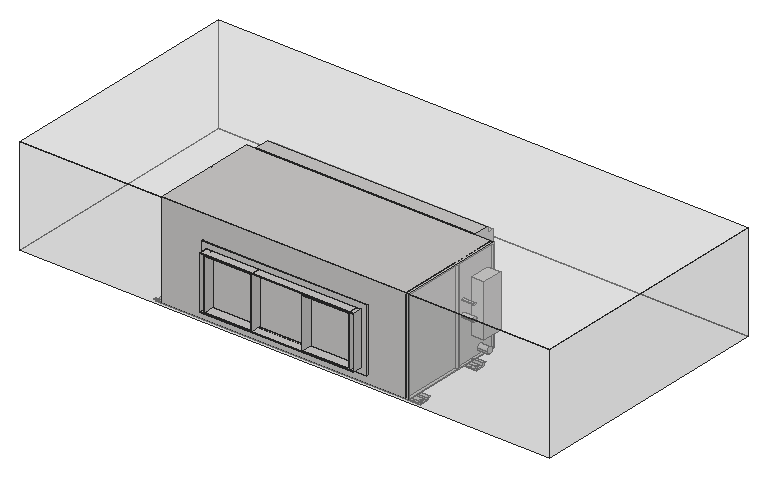
Revit family "outputfile", category 機械設備, Revit 2024
Family settings
  丸型コネクタ寸法 = 半径を使用
  パーツ タイプ = 標準
  OmniClass 番号 = 23.75.10.24.21.27.27
  OmniClass タイトル = Split System Air Conditioning Units
  作業面ベース = いいえ
  常に垂直 = はい
  ロード時にボイドで切り取り = いいえ
  注釈の向きを維持 = いいえ
  共有 = いいえ
  部屋計算ポイント = はい
Parameters (values of type "FDN80HVL")
  Description = ""
  書き出し IFC クラス(タイプ) = "IfcUnitaryEquipmentType"
  定義済み IFC タイプ(タイプ) = "AIRCONDITIONINGUNIT"
  Cost = 0
  Type Comments = ""
  Keynote = ""
  Type Image = (empty or 0)
  Assembly Code = ""
  switch_frequency = yes
  lw_power = 740 mm
  lw_box = 55 mm
  lw_RA = 671 mm
  lh_height_SA = 298 mm
  lh_ld_mountinghole_height = 15 mm
  lh_height_RA = 443 mm
  lh_hangerfixture = 15 mm
  lh_box_top = 121 mm
  lh_box = 294 mm
  lh_SA = 240 mm
  lh_RA = 301.5 mm
  ld_depth_SA = 60 mm
  ld_depth_RA = 127 mm
  ld_box_left = 462.5 mm
  ld_box = 117.5 mm
  connector_voltage = Voltage_60Hz  # 220 V
  connector_powerinput = [Power Input (Cooling)]  # 7.870 kW
  connector_phase = Phase_60Hz  # 1
  URL = ""
  Supply Air Direction [instance] = yes
  製造元 = "Daikin"
  モデル = "FDN80HVL"
  w_pipe = 33 mm
  r_Liquid Pipe Size = Liquid Pipe Size / 2  # 6.35 mm
  r_Gas Pipe Size = Gas Pipe Size / 2  # 11.1 mm
  r_Drain Pipe Size = Drain Pipe Size / 2  # 17.0 mm
  lw_powersupply = 897 mm
  lw_width_RA = 1242 mm
  lw_width_SA = 876 mm
  lh_suctionflange [instance] = 100 mm
  ld_suctionflange [instance] = 190 mm
  ld_powersupply = 220.5 mm
  angle_vertical_RA [instance] = 90.00°
  angle horizontal_RA [instance] = 180.00°
  Voltage_comment_60Hz = "220"
  Voltage_60Hz = 220 V
  Sound Power Level_H speed (dB) = 0
  Phase_60Hz = 1
  Minimum External Static Pressure = 60.00 Pa
  Minimum Circuit Amps_60Hz = 0.0 A
  Maximum Fuse Amps_60Hz = 0.0 A
  Maximum External Static Pressure = 100.00 Pa
  Material_Casing = DAIKIN_GalvanizedSteel_Casing_indoorunit
  lw_liquidpipe = 751 mm
  lw_gaspipe = 751 mm
  lw_mountinghole_pitch = 1462 mm
  lw_mountinghole = 1502 mm
  lw_drainpipe = 741 mm
  lh_powersupply = 138 mm
  lh_liquidpipe = 344 mm
  lh_gaspipe = 264 mm
  lh_mountinghole = 9 mm
  lh_drainpipe = 51 mm
  lh_antena = 1 mm
  ld_liquidpipe = 102.5 mm
  ld_gaspipe = 102.5 mm
  ld_mountinghole_pitch = 394 mm
  ld_drainpipe = 220.5 mm
  ld_controlbox = 626 mm
  h*** = 0 mm  # constant formula
  d_dischargeflange = ld_depth_SA  # 60 mm
  Width = 1402 mm
  Version = "ver.1.0"
  Unit Type = "Duct"
  Unit Mass Weight = 85.00 kg
  Unit Designation [instance] = ""
  Uniclass2015Version = "Products v1.30"
  Uniclass2015Title = "Split coil room air conditioning units"
  Uniclass2015Code = "Pr_70_65_03_86"
  Total Cooling Capacity [instance] = 0.000 kW
  Sound Pressure Level_M speed (dBA) = 50
  Sound Pressure Level_L speed (dBA) = 47
  Sound Pressure Level_H speed (dBA) = 52
  Series = "Package Aircon_Fan Coil Unit"
  Sensible Cooling Capacity [instance] = 0.000 kW
  SA Duct Size Width = 876 mm
  SA Duct Size Height = 298 mm
  Refrigerant Type = "R410A"
  RA Duct Size Width = 1242 mm
  RA Duct Size Height = 443 mm
  Power Input (Cooling) = 7.870 kW
  Option Accessory 3 [instance] = ""
  Option Accessory 2 [instance] = ""
  Option Accessory 1 [instance] = ""
  Nominal Cooling Capacity = 23.447 kW
  Minimum Airflow = 3466.00 m³/h
  Median Airflow = 3993.00 m³/h
  Maximum Airflow = 4587.00 m³/h
  Load Classification = HVAC
  Liquid Pipe Size = 12.7 mm
  Link_Nested Family [instance] = ""
  IfcVersion = ""
  IfcExportType = "AIRCONDITIONINGUNIT"
  IfcExportAs = "IfcUnitaryEquipmentType"
  Height = 553 mm
  Heat Exchanger Type = "Cross Fin Coil"
  Gas Pipe Size = 22.2 mm
  Frequency_60Hz = 60 Hz
  Fan Type = "Sirocco Fan"
  Fan Drive = "-"
  FCU Tag No. [instance] = ""
  Drain Pipe Size = 34.0 mm
  Design Supply Airflow [instance] = 0.00 m³/h
  Design Return Airflow [instance] = 0.00 m³/h
  Design External Static Pressure [instance] = 0.00 Pa
  Depth = 605 mm
  既定の高さ = 0 mm
  Cooling Entering Wet Bulb Temperature [instance] = 0.00 °C
  Cooling Entering Dry Bulb Temperature [instance] = 0.00 °C
  Cooling Ambient Wet Bulb Temperature [instance] = 0.00 °C
  Cooling Ambient Dry Bulb Temperature [instance] = 0.00 °C
  Clearance visibility [instance] = yes
  Clearance Top = 0 mm
  Clearance Right = 800 mm
  Clearance Rear = 800 mm
  Clearance Left = 800 mm
  Clearance Front = 0 mm
  Clearance Bottom = 0 mm
Reference planes
  plane 1 "Center (Front/Back)": y = 0
  plane 2: z = 0
  plane 3 "Center (Left/Right)": x = 0
  plane 4 "Back": y = 302.5
  plane 5 "Front": y = -302.5
  plane 6 "Left": x = -701
  plane 7 "Right": x = 701
  plane 8 "Top": z = 0
  plane 9 "Bottom": z = -553
  plane 10: z = -209
  plane 11: z = -289
  plane 12: x = -731
  plane 13: x = 731
  plane 14: x = 751
  plane 15: x = 751
  plane 16: z = -544
  plane 17 "Clearance Left": x = -1501
  plane 18 "Clearance Right": x = 1501
  plane 19 "Clearance Rear": y = 1102.5
  plane 20 "Clearance Front": y = -302.5
  plane 21 "Clearance Bottom": z = -553
  plane 22: z = -502
  plane 23 "ld_gas": y = 102.5
  plane 24: y = 102.5
  plane 25: y = -30
  plane 26: y = 220.5
  plane 27: y = 112.5
  plane 28: x = 741
  plane 29: y = 139.5
  plane 30: y = -254.5
  plane 31: y = -362.5
  plane 32: y = 429.5
  plane 33 "Clearance Top": z = 0
  plane 34: z = -415
  plane 35: y = 220.5
  plane 36 "hangerfixture": z = -538
  plane 37 "lh_SA": z = -313
  plane 38 "lh_RA": z = -251.5
  plane 39 "RA_center": x = -30
  plane 40: x = 680
  plane 41: x = 756
  plane 42: y = 160
  plane 43: y = 180
  plane 44: y = 257.5
  plane 45: y = 277.5
  plane 46 "box_bottom": z = -415
  plane 47 "box_top": z = -121
  plane 48 "lw_power": x = 740
  plane 49: y = -300.7
  plane 50: z = -2.3
  plane 51: z = -536.7
  plane 52: y = 301.5
  plane 53: y = -300.7
  plane 54: z = -2.3
  plane 55: z = -536.7
  plane 56: y = 301.5
Forms (mm)
  Extrusion 1, solid, material "DAIKIN_GalvanizedSteel_Casing_indoorunit" <- "Material_Casing"
    sketch origin (0, -0.8, 0) x (1, 0, 0) y (0, 1, 0)
      loop
        line (-701, -301.7) -> (701, -301.7) -> (701, 303.3) -> (-701, 303.3) -> (-701, -301.7)
    from -538 to 0
  Revolve 2, solid, material "DAIKIN_GalvanizedSteel_Casing_indoorunit" <- "Material_Casing"
    sketch origin (0, 0, -289) x (0, -1, 0) y (1, 0, 0)
      loop
        line (-91.4, 681.5) -> (-91.4, 751) -> (-102.5, 751) -> (-102.5, 681.5) -> (-91.4, 681.5)
      axis (-102.5, 681.5) -> (-102.5, 751)
    angle from 0 to 360
  Revolve 3, solid, material "DAIKIN_GalvanizedSteel_Casing_indoorunit" <- "Material_Casing"
    sketch origin (0, 0, -209) x (0, -1, 0) y (1, 0, 0)
      loop
        line (-102.5, 681.5) -> (-102.5, 751) -> (-108.85, 751) -> (-108.85, 681.5) -> (-102.5, 681.5)
      axis (-102.5, 751) -> (-102.5, 681.5)
    angle from 0 to 360
  Extrusion 4, solid, material "DAIKIN_GalvanizedSteel_Casing_indoorunit" <- "Material_Casing"
    sketch origin (0, 0, 0) x (0, 1, 0) y (0, 0, 1)
      loop
        circle (220.5, -502) r 17
    from 741 to 681.5
  Extrusion 5, solid, material "DAIKIN_GalvanizedSteel_Casing_indoorunit" <- "Material_Casing"
    sketch origin (0, 0, 0) x (1, 0, 0) y (0, 1, 0)
      loop
        line (680, 160) -> (756, 160) -> (756, 277.5) -> (680, 277.5) -> (680, 160)
    from -415 to -121
  Extrusion 6, void
    sketch origin (701, 0, 0) x (0, 1, 0) y (0, 0, 1)
      loop
        line (-300.7, -2.3) -> (-300.7, -536.7) -> (50.7, -536.7) -> (50.7, -2.3) -> (-300.7, -2.3)
      loop
        line (301.5, -536.7) -> (301.5, -2.3) -> (52.5, -2.3) -> (52.5, -536.7) -> (301.5, -536.7)
    from 0 to -19.5
  Extrusion 7, void
    sketch origin (-701, 0, 0) x (0, 1, 0) y (0, 0, 1)
      loop
        line (-300.7, -2.3) -> (-300.7, -536.7) -> (50.7, -536.7) -> (50.7, -2.3) -> (-300.7, -2.3)
      loop
        line (301.5, -536.7) -> (301.5, -2.3) -> (52.5, -2.3) -> (52.5, -536.7) -> (301.5, -536.7)
    from 0 to 19.5
Cuts and joins
  Extrusion 6, Extrusion 7 cuts Extrusion 1
  Extrusion 7 cuts Extrusion 5
  joined: Extrusion 1, Extrusion 5
Dimensions and locks
  equal spacing: plane 12, plane 3 "Center (Left/Right)", plane 13
  "lw_mountinghole_pitch": plane 12 to plane 13
  "lh_liquidpipe": plane 10 to plane 9 "Bottom"
  "lh_gaspipe": plane 11 to plane 9 "Bottom"
  equal spacing: plane 6 "Left", plane 3 "Center (Left/Right)", plane 7 "Right"
  "Width": plane 6 "Left" to plane 7 "Right"
  "Clearance Right": plane 7 "Right" to plane 18 "Clearance Right"
  "Clearance Left": plane 17 "Clearance Left" to plane 6 "Left"
  "Clearance Rear": plane 19 "Clearance Rear" to plane 4 "Back"
  "Clearance Front": plane 5 "Front" to plane 20 "Clearance Front"
  "Depth": plane 4 "Back" to plane 5 "Front"
  equal spacing: plane 4 "Back", plane 1 "Center (Front/Back)", plane 5 "Front"
  "ld_suctionflange": plane 4 "Back" to plane 27
  "r_Liquid Pipe Size": nested 5 to Revolve 3 sketch curve
  "ld_mountinghole_pitch": plane 29 to plane 30
  "lw_liquidpipe": plane 3 "Center (Left/Right)" to plane 14
  "lw_gaspipe": plane 3 "Center (Left/Right)" to plane 15
  "lw_drainpipe": plane 3 "Center (Left/Right)" to plane 28
  "lh_drainpipe": plane 22 to plane 9 "Bottom"
  "Clearance Top": plane 33 "Clearance Top" to plane 8 "Top"
  "Clearance Bottom": plane 9 "Bottom" to plane 21 "Clearance Bottom"
  "lh_powersupply": plane 34 to plane 9 "Bottom"
  level to plane 8 "Top" = 0 mm
  "lh_hangerfixture": plane 36 "hangerfixture" to plane 9 "Bottom"
  "lh_SA": plane 37 "lh_SA" to plane 9 "Bottom"
  "ld_depth_SA": plane 5 "Front" to plane 31
  "ld_depth_RA": plane 32 to plane 4 "Back"
  "lh_RA": plane 38 "lh_RA" to plane 9 "Bottom"
  "lw_RA": plane 6 "Left" to plane 39 "RA_center"
  "ld_box_left": plane 42 to plane 5 "Front"
  "ld_box": plane 45 to plane 42
  locked: plane 43 to plane 42 at 20
  locked: plane 45 to plane 44 at 20
  "lw_box": plane 7 "Right" to plane 41
  "lh_box": plane 47 "box_top" to plane 46 "box_bottom"
  "lw_power": plane 3 "Center (Left/Right)" to plane 48 "lw_power"
  "ld_drainpipe": plane 26 to plane 1 "Center (Front/Back)"
  "ld_gaspipe": plane 23 "ld_gas" to plane 1 "Center (Front/Back)"
  "r_Gas Pipe Size": plane 23 "ld_gas" to Revolve 2 sketch curve
  "ld_liquidpipe": plane 24 to plane 1 "Center (Front/Back)"
  plane 30 to plane 1 "Center (Front/Back)" = 254.5 mm
  locked: plane 40 to plane 7 "Right" at 21
  plane 5 "Front" to plane 49 = 1.8 mm
  plane 8 "Top" to plane 50 = 2.3 mm
  plane 36 "hangerfixture" to plane 51 = 1.3 mm
  plane 52 to plane 4 "Back" = 1 mm
  "ld_powersupply": plane 35 to plane 1 "Center (Front/Back)"
  "lh_mountinghole": plane 16 to plane 9 "Bottom"
  "lh_box_top": plane 8 "Top" to plane 47 "box_top"
  "Height": plane 8 "Top" to plane 9 "Bottom"
  "r_Drain Pipe Size": radius of Extrusion 4 sketch curve
  aligned and locked: level to plane 2
  aligned and locked: plane 8 "Top" to Extrusion 1
  aligned and locked: Revolve 2 sketch curve to Revolve 2 sketch curve
  aligned and locked: plane 14 to nested 5
  aligned and locked: nested 5 to plane 10
  aligned and locked: plane 13 to nested 2
  aligned and locked: plane 12 to nested 3
  aligned and locked: plane 12 to nested 4
  aligned and locked: nested 6 to plane 11
  aligned and locked: plane 23 "ld_gas" to nested 6
  aligned and locked: plane 24 to nested 5
  aligned and locked: Extrusion 4 sketch curve to plane 26
  aligned and locked: nested 11 to plane 19 "Clearance Rear"
  aligned and locked: plane 18 "Clearance Right" to nested 11
  aligned and locked: plane 17 "Clearance Left" to nested 11
  aligned and locked: nested 11 to plane 20 "Clearance Front"
  aligned and locked: plane 28 to Extrusion 4
  aligned and locked: plane 15 to nested 6
  aligned and locked: plane 13 to nested 1
  aligned and locked: plane 26 to nested 7
  aligned and locked: nested 7 to plane 22
  aligned and locked: nested 7 to plane 28
  aligned and locked: nested 9 to plane 1 "Center (Front/Back)"
  aligned and locked: plane 3 "Center (Left/Right)" to nested 9
  aligned and locked: plane 29 to nested 1
  aligned and locked: plane 30 to nested 2
  aligned and locked: nested 4 to plane 29
  aligned and locked: nested 3 to plane 30
  aligned and locked: nested 10 to plane 4 "Back"
  aligned and locked: nested 8 to plane 31
  aligned and locked: plane 32 to nested 14
  aligned and locked: plane 3 "Center (Left/Right)" to nested 13
  aligned and locked: nested 11 to plane 33 "Clearance Top"
  aligned and locked: nested 11 to plane 21 "Clearance Bottom"
  aligned and locked: nested 12 to plane 9 "Bottom"
  aligned and locked: plane 36 "hangerfixture" to Extrusion 1
  aligned and locked: plane 37 "lh_SA" to nested 8
  aligned and locked: Extrusion 1 to plane 5 "Front"
  aligned and locked: nested 13 to plane 31
  aligned and locked: plane 37 "lh_SA" to nested 13
  aligned and locked: Extrusion 1 to plane 4 "Back"
  aligned and locked: plane 38 "lh_RA" to nested 10
  aligned and locked: nested 14 to plane 38 "lh_RA"
  aligned and locked: plane 39 "RA_center" to nested 10
  aligned and locked: nested 14 to plane 39 "RA_center"
  aligned and locked: plane 45 to Extrusion 5 sketch curve
  aligned and locked: plane 41 to Extrusion 5 sketch curve
  aligned and locked: Extrusion 5 sketch curve to plane 42
  aligned and locked: plane 47 "box_top" to Extrusion 5
  aligned and locked: Extrusion 5 to plane 46 "box_bottom"
  aligned and locked: plane 14 to nested 16
  aligned and locked: nested 6 to plane 15
  aligned and locked: nested 15 to plane 35
  aligned and locked: Revolve 2 sketch curve to plane 23 "ld_gas"
  aligned and locked: plane 23 "ld_gas" to nested 17
  aligned and locked: plane 24 to nested 16
  aligned and locked: nested 12 to plane 30
  aligned and locked: Extrusion 5 sketch curve to plane 40
  aligned and locked: Extrusion 6 sketch curve to plane 50
  aligned and locked: Extrusion 6 sketch curve to plane 49
  aligned and locked: Extrusion 6 sketch curve to plane 51
  aligned and locked: Extrusion 6 sketch curve to plane 52
  aligned and locked: Extrusion 7 sketch curve to plane 54
  aligned and locked: Extrusion 7 sketch curve to plane 53
  aligned and locked: Extrusion 7 sketch curve to plane 55
  aligned and locked: Extrusion 7 sketch curve to plane 56
  aligned and locked: cut or joined group of Extrusion 1, Extrusion 5, Extrusion 6, Extrusion 7 to Revolve 3
  aligned and locked: Revolve 2 to cut or joined group of Extrusion 1, Extrusion 5, Extrusion 6, Extrusion 7
  aligned and locked: Extrusion 4 to Revolve 2
  aligned and locked: nested 15 to plane 48 "lw_power"
  aligned and locked: nested 15 to plane 34
  aligned and locked: level to plane 8 "Top"
  aligned and locked: plane 55 to cut or joined group of Extrusion 1, Extrusion 5, Extrusion 6, Extrusion 7
  aligned and locked: plane 54 to cut or joined group of Extrusion 1, Extrusion 5, Extrusion 6, Extrusion 7
Automatic sketch dimensions
  Extrusion 1 sketch curve to plane 4 "Back" = 0 mm
  Extrusion 1 sketch curve to plane 6 "Left" = 0 mm
  Extrusion 1 sketch curve to plane 5 "Front" = 0 mm
  Extrusion 1 sketch curve to plane 7 "Right" = 0 mm
  Revolve 3 sketch curve to plane 23 "ld_gas" = 0 mm  (x2)
  Revolve 3 sketch curve to plane 14 = 0 mm  (x2)
  Revolve 3 sketch curve to Revolve 3 sketch curve = 69.5 mm
  Revolve 3 sketch curve to Revolve 3 sketch curve = 22 mm
  Extrusion 4 sketch curve to plane 22 = 0 mm
  plane 51 to Extrusion 6 sketch curve = 0 mm
  Extrusion 6 sketch curve to plane 50 = 0 mm
  Extrusion 6 sketch curve to plane 1 "Center (Front/Back)" = 50.7 mm
  Extrusion 6 sketch curve to Extrusion 6 sketch curve = 1.8 mm
  plane 55 to Extrusion 7 sketch curve = 0 mm
  Extrusion 7 sketch curve to plane 54 = 0 mm
  Extrusion 7 sketch curve to plane 1 "Center (Front/Back)" = 50.7 mm
  Extrusion 7 sketch curve to Extrusion 7 sketch curve = 1.8 mm
  Revolve 2 sketch curve to plane 14 = 0 mm
  Revolve 2 sketch curve to plane 7 "Right" = 19.5 mm
  plane 7 "Right" to Revolve 2 sketch curve = 2.003 mm
  plane 14 to Revolve 2 sketch curve = 1.003 mm
Nested families
  nested 1: "daikin_mountinghole" at (731, 139.5, -553), Link_Nested Family <- "Link_Nested Family", h_mountinghole <- "lh_mountinghole", l_antenna <- "lh_antena", type "daikin_mountinghole"
    with show yes, l_antenna 1 mm, h_mountinghole 9 mm, Link_Nested Family "", d_circle 23 mm
  nested 2: "daikin_mountinghole" at (731, -254.5, -553), Link_Nested Family <- "Link_Nested Family", h_mountinghole <- "lh_mountinghole", l_antenna <- "lh_antena", type "daikin_mountinghole"
    with show yes, l_antenna 1 mm, h_mountinghole 9 mm, Link_Nested Family "", d_circle 23 mm
  nested 3: "daikin_mountinghole" at (-731, -254.5, -553), Link_Nested Family <- "Link_Nested Family", h_mountinghole <- "lh_mountinghole", l_antenna <- "lh_antena", type "daikin_mountinghole"
    with show yes, l_antenna 1 mm, h_mountinghole 9 mm, Link_Nested Family "", d_circle 23 mm
  nested 4: "daikin_mountinghole" at (-731, 139.5, -553), Link_Nested Family <- "Link_Nested Family", h_mountinghole <- "lh_mountinghole", l_antenna <- "lh_antena", type "daikin_mountinghole"
    with show yes, l_antenna 1 mm, h_mountinghole 9 mm, Link_Nested Family "", d_circle 23 mm
  nested 5: "daikin_connector_rotate2" at (0, 102.5, -209) x (0, 1, 0) z (0, 0, 1), length <- "lw_liquidpipe", built-in parameter 1001364 <- "lh_liquidpipe", radius <- "r_Liquid Pipe Size", type "daikin_connector_rotate2"
    with radius 6.35 mm, length 751 mm, angle_vertical 90.00°
  nested 6: "daikin_connector_rotate2" at (0, 102.5, -289) x (0, 1, 0) z (0, 0, 1), length <- "lw_gaspipe", built-in parameter 1001364 <- "lh_gaspipe", radius <- "r_Gas Pipe Size", type "daikin_connector_rotate2"
    with radius 11.1 mm, length 751 mm, angle_vertical 90.00°
  nested 7: "daikin_connector_rotate2" at (0, 220.5, -502) x (0, 1, 0) z (0, 0, 1), built-in parameter 1001364 <- "lh_drainpipe", length <- "lw_drainpipe", radius <- "r_Drain Pipe Size", type "daikin_connector_rotate2"
    with radius 17 mm, length 741 mm, angle_vertical 90.00°
  nested 8: "daikin_connector_rotate2" at (0, -302.5, -313), length <- "d_dischargeflange", type "daikin_connector_rotate2"
    with radius 10 mm, length 60 mm, angle_vertical 90.00°
  nested 9: "daikin_△_symbolicline" at (-75, -129.904, 553) x (-0.5, 0.866, 0) z (0, 0, 1), built-in parameter 1001364 <- "Height", visible <- "Supply Air Direction", type "daikin_△_symbolicline"
    with length 300 mm
  nested 10: "daikin_ductflange_FDN-HVL" at (-30, 302.5, -251.5), material <- "Material_Casing", width <- "lw_width_RA", height <- "lh_height_RA", depth <- "ld_depth_RA", type "daikin_ductflange_FDN-HVL"
    with width 1242 mm, material DAIKIN_GalvanizedSteel_Casing_indoorunit, height 443 mm, depth 127 mm
  nested 11: "daikin_clearancespace" at (0, 400, -276.381), visible <- "Clearance visibility", show <- "Clearance visibility", Link_Nested Family <- "Link_Nested Family", type "daikin_clearancespace"
    with width 3002 mm, show yes, height 553 mm, depth 1405 mm, Link_Nested Family ""
  nested 12: "daikin_hangerfixture_FDN-HVL" at (0, -57.5, -553), type "daikin_hangerfixture_FDN-HVL"
  nested 13: "daikin_ductflange_FDN-HVL_1" at (0, -302.5, -502.401), width <- "lw_width_SA", material <- "Material_Casing", height <- "lh_height_SA", depth <- "ld_depth_SA", type "daikin_ductflange_FDN-HVL_1"
    with width 876 mm, t 0.8 mm, material DAIKIN_GalvanizedSteel_Casing_indoorunit, height 298 mm, depth 60 mm
  nested 14: "daikin_connector_rotate2" at (-30, 302.5, -251.5) x (-1, 0, 0) z (0, 0, 1), length <- "ld_depth_RA", type "daikin_connector_rotate2"
    with radius 10 mm, length 127 mm, angle_vertical 90.00°
  nested 15: "daikin_connector_rotate2" at (740, 220.5, -121) x (0, 1, 0) z (1, 0, 0), length <- "lh_box", type "daikin_connector_rotate2"
    with radius 10 mm, length 294 mm, angle_vertical 90.00°
  nested 16: "daikin_connector_rotate2" at (0, 102.5, 344) x (0, 1, 0) z (0, 0, 1), length <- "lw_liquidpipe", built-in parameter 1001364 <- "lh_liquidpipe", radius <- "r_Liquid Pipe Size", type "daikin_connector_rotate2"
    with radius 6.35 mm, length 751 mm, angle_vertical 90.00°
  nested 17: "daikin_connector_rotate2" at (0, 102.5, 264) x (0, 1, 0) z (0, 0, 1), length <- "lw_gaspipe", built-in parameter 1001364 <- "lh_gaspipe", radius <- "r_Gas Pipe Size", type "daikin_connector_rotate2"
    with radius 11.1 mm, length 751 mm, angle_vertical 90.00°
Connectors
  piping at (751, 102.5, -289), diameter 22.2, driven by "r_Gas Pipe Size"
    settings: on nested 6, index 1, connector inside diameter 609.6 mm, connector length 0 mm, flow factor 0, pipe flow 0.00 m³/h, pressure drop 0.0 Pa, fitting loss kfactor 0, connector angle 0.00°, fixture units 0, engagement length 0 mm, angle of deflection 0.00°, flow configuration 1, flow direction 2, fitting loss method 0, system type 29, joint type 0, gender type 0, connector reference index -1, connector utility 0, adjustable connector no, is connector primary yes, connector description "Refrigerant Gas Piping"
  piping at (751, 102.5, -209), diameter 12.7, driven by "r_Liquid Pipe Size"
    settings: on nested 5, index 2, connector inside diameter 609.6 mm, connector length 0 mm, flow factor 0, pipe flow 0.00 m³/h, pressure drop 0.0 Pa, fitting loss kfactor 0, connector angle 0.00°, fixture units 0, engagement length 0 mm, angle of deflection 0.00°, flow configuration 1, flow direction 1, fitting loss method 0, system type 29, joint type 0, gender type 0, connector reference index -1, connector utility 0, adjustable connector no, is connector primary no, connector description "Refrigerant Liquid Piping"
  piping at (741, 220.5, -502), diameter 34, driven by "r_Drain Pipe Size"
    settings: on nested 7, index 3, connector inside diameter 609.6 mm, connector length 0 mm, flow factor 0, pipe flow 0.00 m³/h, pressure drop 0.0 Pa, fitting loss kfactor 0, connector angle 0.00°, fixture units 0, engagement length 0 mm, angle of deflection 0.00°, flow configuration 1, flow direction 2, fitting loss method 4, system type 16, joint type 0, gender type 0, connector reference index -1, connector utility 0, adjustable connector no, is connector primary no, connector description "Condensate Drain Piping"
  hvac at (0, -362.5, -313), driven by "SA Duct Size Height", driven by "SA Duct Size Width"
    settings: on nested 8, index 7, duct flow 0.00 m³/h, flow factor 0, pres drop 0.00 Pa, loss coef 0, conn angle 0.00°, conn width 876.0 mm, conn height 298.0 mm, conn diameter 609.6 mm, duct sys type 1, conn prof type 1, flow config 0, flow direction 2, loss method 4, conn ref index -1, conn util no, is conn primary yes, conn desc "SA Duct"
  hvac at (-30, 429.5, -251.5), driven by "RA Duct Size Width", driven by "RA Duct Size Height"
    settings: on nested 14, index 8, duct flow 0.00 m³/h, flow factor 0, pres drop 0.00 Pa, loss coef 0, conn angle 0.00°, conn width 1242.0 mm, conn height 443.0 mm, conn diameter 609.6 mm, duct sys type 2, conn prof type 1, flow config 0, flow direction 1, loss method 4, conn ref index -1, conn util no, is conn primary no, conn desc "RA Duct"
  electrical at (740, 220.5, -415), driven by "Load Classification", driven by "connector_phase", driven by "connector_powerinput", driven by "connector_voltage"
    settings: on nested 15, index 9, voltage 220 V, apparent load 7870 VA, apparent load phase1 0 VA, apparent load phase2 0 VA, apparent load phase3 0 VA, power factor 1, load classification "HVAC", number of poles 1, system type 30, power factor state 1, is connector primary yes, connector utility no, sub classification motor no, connector description "Power Supply"
Definition of nested family "daikin_ductflange_FDN-HVL"
  Parameters (values of type "daikin_ductflange_2FDN-HTL")
    width [instance] = 1242 mm
    material [instance] = none
    height [instance] = 747 mm
    depth [instance] = 127 mm
    Default Elevation = 0 mm
  Reference planes
    plane 1 "Center (Front/Back)": y = 0
    plane 2: z = 0
    plane 3 "Center (Left/Right)": x = 0
    plane 4: x = -621
    plane 5: x = 621
    plane 6: z = 373.5
    plane 7: z = -373.5
    plane 8: y = 88.5
    plane 9: y = 127
    plane 10: x = -611
    plane 11: x = 611
    plane 12: z = -363.5
    plane 13: z = 363.5
    plane 14: x = -621
    plane 15: x = 621
    plane 16: z = 403.5
    plane 17: z = -403.5
  Forms (mm)
    Extrusion 1, solid, material <- "material"
      sketch origin (0, 0, 0) x (1, 0, 0) y (0, 0, 1)
        loop
          line (-621, 403.5) -> (-621, -403.5) -> (621, -403.5) -> (621, 403.5) -> (-621, 403.5)
        loop
          line (-611, 363.5) -> (-611, -363.5) -> (611, -363.5) -> (611, 363.5) -> (-611, 363.5)
      from 0 to -88.5
    Extrusion 2, solid, material <- "material"
      sketch origin (0, 0, 0) x (1, 0, 0) y (0, 0, 1)
        loop
          line (-621, 373.5) -> (-621, -373.5) -> (621, -373.5) -> (621, 373.5) -> (-621, 373.5)
        loop
          line (611, 363.5) -> (-611, 363.5) -> (-611, -363.5) -> (611, -363.5) -> (611, 363.5)
      from -127 to -88.5
  Cuts and joins
    joined: Extrusion 1, Extrusion 2
  Dimensions and locks
    equal spacing: plane 5, plane 3 "Center (Left/Right)", plane 4
    "width": plane 5 to plane 4
    equal spacing: plane 6, level, plane 7
    "height": plane 6 to plane 7
    plane 1 "Center (Front/Back)" to plane 8 = 88.5 mm
    "depth": plane 1 "Center (Front/Back)" to plane 9
    locked: plane 6 to plane 13 at 10
    locked: plane 12 to plane 7 at 10
    locked: plane 5 to plane 11 at 10
    locked: plane 10 to plane 4 at 10
    plane 4 to plane 14 = 0 mm
    plane 15 to plane 5 = 0 mm
    locked: plane 16 to plane 6 at 30
    plane 7 to plane 17 = 30 mm
    aligned and locked: level to plane 2
    aligned and locked: Extrusion 1 to plane 8
    aligned and locked: plane 1 "Center (Front/Back)" to Extrusion 1
    aligned and locked: Extrusion 2 to plane 9
    aligned and locked: Extrusion 2 to Extrusion 1
    aligned and locked: plane 13 to Extrusion 2 sketch curve
    aligned and locked: plane 11 to Extrusion 2 sketch curve
    aligned and locked: Extrusion 2 sketch curve to plane 12
    aligned and locked: Extrusion 2 sketch curve to plane 10
    aligned and locked: Extrusion 1 sketch curve to plane 16
    aligned and locked: plane 14 to Extrusion 1 sketch curve
    aligned and locked: plane 17 to Extrusion 1 sketch curve
    aligned and locked: Extrusion 1 sketch curve to plane 15
  Automatic sketch dimensions
    Extrusion 2 sketch curve to plane 4 = 0 mm
    Extrusion 2 sketch curve to plane 5 = 0 mm
    Extrusion 2 sketch curve to plane 7 = 0 mm
    Extrusion 2 sketch curve to plane 6 = 0 mm
    plane 4 to Extrusion 1 sketch curve = 10 mm
    Extrusion 1 sketch curve to plane 5 = 10 mm
    plane 7 to Extrusion 1 sketch curve = 10 mm
    Extrusion 1 sketch curve to plane 6 = 10 mm
Definition of nested family "daikin_clearancespace"
  Parameters (values of type "daikin_clearancespace")
    Description = "daikin_clearancespace"
    width [instance] = 1823.963 mm
    show [instance] = yes
    material = none
    height [instance] = 1359.762 mm
    depth [instance] = 880 mm
    Default Elevation = 0 mm
    Link_Nested Family [instance] = ""
  Reference planes
    plane 1 "Center (Front/Back)": y = 0
    plane 2 "Center (Elevation)": z = -0.119
    plane 3 "Center (Left/Right)": x = 0
    plane 4: y = 440
    plane 5: y = -440
    plane 6 "Right": x = 911.982
    plane 7 "Left": x = -911.982
    plane 8 "Top": z = 679.762
    plane 9 "Bottom": z = -680
  Forms (mm)
    Extrusion 1, solid, material <- "material", visible <- "show"
      sketch origin (0, 0, 0) x (1, 0, 0) y (0, 1, 0)
        loop
          line (-911.982, 440) -> (-911.982, -440) -> (911.982, -440) -> (911.982, 440) -> (-911.982, 440)
      from -680 to 679.762
  Lines and regions (mm)
    symbolic lines, visible <- "show"
      curve 1: line (911.982, 440, 0) -> (-911.982, 440, 0)
      curve 2: line (-911.982, 440, 0) -> (-911.982, -440, 0)
      curve 3: line (-911.982, -440, 0) -> (911.982, -440, 0)
      curve 4: line (911.982, -440, 0) -> (911.982, 440, 0)
      curve 5: line (911.982, 0, 679.762) -> (-911.982, 0, 679.762)
      curve 6: line (911.982, 0, -680) -> (911.982, 0, 679.762)
      curve 7: line (-911.982, 0, -680) -> (911.982, 0, -680)
      curve 8: line (-911.982, 0, 679.762) -> (-911.982, 0, -680)
      curve 9: line (0, 440, 679.762) -> (0, -440, 679.762)
      curve 10: line (0, -440, 679.762) -> (0, -440, -680)
      curve 11: line (0, 440, -680) -> (0, 440, 679.762)
      curve 12: line (0, -440, -680) -> (0, 440, -680)
  Dimensions and locks
    "width": plane 7 "Left" to plane 6 "Right"
    "depth": plane 4 to plane 5
    "height": plane 8 "Top" to plane 9 "Bottom"
    equal spacing: plane 7 "Left", plane 3 "Center (Left/Right)", plane 6 "Right"
    equal spacing: plane 4, plane 1 "Center (Front/Back)", plane 5
    equal spacing: plane 8 "Top", plane 2 "Center (Elevation)", plane 9 "Bottom"
    aligned and locked: level to plane 2 "Center (Elevation)"
    aligned and locked: Extrusion 1 sketch curve to plane 4
    aligned and locked: plane 7 "Left" to Extrusion 1 sketch curve
    aligned and locked: Extrusion 1 sketch curve to plane 5
    aligned and locked: Extrusion 1 sketch curve to plane 6 "Right"
    aligned and locked: plane 8 "Top" to Extrusion 1
    aligned and locked: curve 1 to Extrusion 1
    aligned and locked: curve 2 to Extrusion 1
    aligned and locked: curve 3 to Extrusion 1
    aligned and locked: curve 4 to Extrusion 1
    aligned and locked: curve 5 to Extrusion 1
    aligned and locked: curve 6 to Extrusion 1
    aligned and locked: curve 7 to Extrusion 1
    aligned and locked: curve 8 to Extrusion 1
    aligned and locked: curve 9 to Extrusion 1
    aligned and locked: curve 10 to Extrusion 1
    aligned and locked: curve 11 to Extrusion 1
    aligned and locked: curve 12 to Extrusion 1
    aligned and locked: Extrusion 1 to plane 9 "Bottom"
Definition of nested family "daikin_hangerfixture_FDN-HVL"
  Parameters (values of type "daikin_hangerfixture_2FDN-HTL")
    width = 1462 mm
    material = none
    height = 15 mm
    e = 38 mm
    depth = 394 mm
    Default Elevation = 0 mm
    G = 1502 mm
    E = 50 mm
  Reference planes
    plane 1 "Center (Front/Back)": y = 0
    plane 2: z = 0
    plane 3 "Center (Left/Right)": x = 0
    plane 4: x = 731
    plane 5: x = -731
    plane 6: z = 15
    plane 7: y = 197
    plane 8: y = -197
    plane 9: x = -751
    plane 10: x = 751
    plane 11: y = 235
    plane 12: y = -235
  Forms (mm)
    Extrusion 1, solid
      sketch origin (0, 0, 0) x (0, 1, 0) y (0, 0, 1)
        loop
          line (-174, 15) -> (-174, 1.5) -> (-220, 1.5) -> (-220, 15) -> (-235, 15) -> (-235, 13.5) -> (-221.5, 13.5) -> (-221.5, 0) -> (-172.5, 0) -> (-172.5, 13.5) -> (-159, 13.5) -> (-159, 15) -> (-174, 15)
        loop
          line (220, 15) -> (220, 1.5) -> (174, 1.5) -> (174, 15) -> (159, 15) -> (159, 13.5) -> (172.5, 13.5) -> (172.5, 0) -> (221.5, 0) -> (221.5, 13.5) -> (235, 13.5) -> (235, 15) -> (220, 15)
      from -751 to 751
    Extrusion 2, void
      sketch origin (0, 0, 0) x (1, 0, 0) y (0, 1, 0)
        loop
          circle (-731, 197) r 7.5
        loop
          circle (-731, -197) r 7.5
        loop
          circle (731, -197) r 7.5
        loop
          circle (731, 197) r 7.5
      from 0 to 9
  Cuts and joins
    Extrusion 2 cuts Extrusion 1
  Dimensions and locks
    "width": plane 5 to plane 4
    equal spacing: plane 5, plane 3 "Center (Left/Right)", plane 4
    "depth": plane 8 to plane 7
    equal spacing: plane 8, plane 1 "Center (Front/Back)", plane 7
    "height": plane 6 to level
    "e": plane 7 to plane 11
    "e": plane 12 to plane 8
    equal spacing: Extrusion 1 sketch curve, plane 8, Extrusion 1 sketch curve  (x2)
    "e": Extrusion 1 sketch curve to plane 8 to Extrusion 1 sketch curve
    Extrusion 1 sketch curve to level = 1.5 mm
    equal spacing: plane 9, plane 3 "Center (Left/Right)", plane 10
    "G": plane 9 to plane 10
    locked: Extrusion 1 sketch curve to level at 1.5
    equal spacing: Extrusion 1 sketch curve, plane 7, Extrusion 1 sketch curve  (x2)
    "e": Extrusion 1 sketch curve to plane 7 to Extrusion 1 sketch curve
    aligned and locked: level to plane 2
    aligned and locked: plane 6 to Extrusion 1 sketch curve  (x2)
    aligned and locked: Extrusion 1 sketch curve to level  (x2)
    aligned and locked: Extrusion 1 to plane 9
    aligned and locked: plane 10 to Extrusion 1
    aligned and locked: plane 7 to Extrusion 2 sketch curve  (x2)
    aligned and locked: plane 5 to Extrusion 2 sketch curve  (x2)
    aligned and locked: plane 8 to Extrusion 2 sketch curve  (x2)
    aligned and locked: plane 4 to Extrusion 2 sketch curve  (x2)
  Automatic sketch dimensions
    Extrusion 1 sketch curve to plane 6 = 0 mm  (x2)
    Extrusion 1 sketch curve to plane 6 = 1.5 mm  (x4)
    Extrusion 1 sketch curve to plane 12 = 13.5 mm
    Extrusion 1 sketch curve to Extrusion 1 sketch curve = 1.5 mm  (x2)
    Extrusion 1 sketch curve to Extrusion 1 sketch curve = 13.5 mm
    radius of Extrusion 2 sketch curve = 7.5 mm  (x4)
Definition of nested family "daikin_ductflange_FDN-HVL_1"
  Parameters (values of type "daikin_ductflange_2FDN-HTL_1")
    width [instance] = 876 mm
    t [instance] = 0.8 mm
    material [instance] = none
    height [instance] = 298 mm
    depth [instance] = 60 mm
    Default Elevation = 0 mm
  Reference planes
    plane 1 "Center (Front/Back)": y = 0
    plane 2: z = 189.401
    plane 3 "Center (Left/Right)": x = 0
    plane 4: y = 0
    plane 5: y = -60
    plane 6: y = -9
    plane 7: z = 338.401
    plane 8: z = 40.401
    plane 9: x = -437.2
    plane 10: x = 437.2
    plane 11: x = -438
    plane 12: x = 438
    plane 13: z = 337.601
    plane 14: z = 41.201
    plane 15: x = -467.2
    plane 16: z = 367.601
    plane 17: z = 11.201
    plane 18: x = 467.2
    plane 19: x = 141
    plane 20: x = -141
    plane 21: x = -412
    plane 22: x = 412
    plane 23: z = 335.401
    plane 24: z = 43.401
  Forms (mm)
    Extrusion 1, solid, material <- "material"
      sketch origin (0, 0, 0) x (1, 0, 0) y (0, 0, 1)
        loop
          line (-438, 338.401) -> (-438, 40.401) -> (438, 40.401) -> (438, 338.401) -> (-438, 338.401)
        loop
          line (-437.2, 337.601) -> (-437.2, 41.201) -> (437.2, 41.201) -> (437.2, 337.601) -> (-437.2, 337.601)
      from 9 to 60
    Extrusion 2, solid, material <- "material"
      sketch origin (0, 0, 0) x (1, 0, 0) y (0, 0, 1)
        loop
          line (-467.2, 367.601) -> (-467.2, 11.201) -> (467.2, 11.201) -> (467.2, 367.601) -> (-467.2, 367.601)
        loop
          line (-437.2, 337.601) -> (-437.2, 41.201) -> (437.2, 41.201) -> (437.2, 337.601) -> (-437.2, 337.601)
      from 0 to 9
    Extrusion 3, solid, material <- "material"
      sketch origin (0, 0, 0) x (1, 0, 0) y (0, 0, 1)
        loop
          line (408.3, 332.201) -> (144.7, 332.201) -> (144.7, 46.601) -> (408.3, 46.601) -> (408.3, 332.201)
        loop
          line (-408.3, 46.601) -> (-144.7, 46.601) -> (-144.7, 332.201) -> (-408.3, 332.201) -> (-408.3, 46.601)
        loop
          line (-412, 335.401) -> (-412, 43.401) -> (-141, 43.401) -> (-141, 335.401) -> (-412, 335.401)
        loop
          line (141, 335.401) -> (141, 43.401) -> (412, 43.401) -> (412, 335.401) -> (141, 335.401)
      from 0 to 60
  Cuts and joins
    joined: Extrusion 1, Extrusion 2
  Dimensions and locks
    plane 4 to plane 1 "Center (Front/Back)" = 0 mm
    "depth": plane 5 to plane 4
    locked: plane 6 to plane 4 at 9
    equal spacing: plane 7, level, plane 8
    equal spacing: plane 10, plane 3 "Center (Left/Right)", plane 9
    "t": plane 9 to plane 11
    "t": plane 12 to plane 10
    "t": plane 7 to plane 13
    "t": plane 14 to plane 8
    locked: plane 11 to plane 15 at 29.2
    locked: plane 18 to plane 12 at 29.2
    locked: plane 16 to plane 7 at 29.2
    locked: plane 8 to plane 17 at 29.2
    plane 23 to level to plane 24 = 146 mm, 146 mm
    plane 22 to plane 19 to plane 3 "Center (Left/Right)" to plane 20 to plane 21 = 271 mm, 141 mm, 141 mm, 271 mm
    plane 23 to Extrusion 3 sketch curve = 3.2 mm
    Extrusion 3 sketch curve to plane 24 = 3.2 mm
    Extrusion 3 sketch curve to plane 21 = 3.7 mm
    plane 20 to Extrusion 3 sketch curve = 3.7 mm
    Extrusion 3 sketch curve to plane 19 = 3.7 mm
    plane 22 to Extrusion 3 sketch curve = 3.7 mm
    "height": plane 7 to plane 8
    "width": plane 12 to plane 11
    aligned and locked: level to plane 2
    aligned and locked: Extrusion 1 sketch curve to plane 7
    aligned and locked: plane 11 to Extrusion 1 sketch curve
    aligned and locked: plane 8 to Extrusion 1 sketch curve
    aligned and locked: Extrusion 1 sketch curve to plane 12
    aligned and locked: Extrusion 1 sketch curve to plane 13
    aligned and locked: plane 9 to Extrusion 1 sketch curve
    aligned and locked: plane 14 to Extrusion 1 sketch curve
    aligned and locked: Extrusion 1 sketch curve to plane 10
    aligned and locked: plane 6 to Extrusion 1
    aligned and locked: Extrusion 1 to plane 5
    aligned and locked: Extrusion 2 sketch curve to plane 16
    aligned and locked: plane 15 to Extrusion 2 sketch curve
    aligned and locked: plane 17 to Extrusion 2 sketch curve
    aligned and locked: Extrusion 2 sketch curve to plane 18
    aligned and locked: Extrusion 2 sketch curve to Extrusion 1  (x4)
    aligned and locked: Extrusion 2 to plane 1 "Center (Front/Back)"
    aligned and locked: Extrusion 2 to plane 6
    aligned and locked: Extrusion 3 sketch curve to plane 23  (x2)
    aligned and locked: plane 21 to Extrusion 3 sketch curve
    aligned and locked: plane 24 to Extrusion 3 sketch curve  (x2)
    aligned and locked: Extrusion 3 sketch curve to plane 20
    aligned and locked: plane 19 to Extrusion 3 sketch curve
    aligned and locked: Extrusion 3 sketch curve to plane 22
    aligned and locked: Extrusion 3 sketch curve to Extrusion 3 sketch curve  (x2)
    aligned and locked: Extrusion 3 to plane 1 "Center (Front/Back)"
    aligned and locked: Extrusion 3 to plane 5
  Automatic sketch dimensions
    Extrusion 2 sketch curve to plane 15 = 0 mm
Definition of nested family "daikin_mountinghole"
  Parameters (values of type "daikin_mountinghole")
    Default Elevation = 1219.2 mm
    Type Comments = "mountinghole"
    show [instance] = yes
    material = none
    l_centerline = 100 mm
    l_antenna [instance] = 100 mm
    h_mountinghole [instance] = 0 mm
    d_circle = 30 mm
    Link_Nested Family [instance] = ""
  Reference planes
    plane 1 "Center (Front/Back)": y = 0
    plane 2: z = 0
    plane 3 "Center (Left/Right)": x = 0
    plane 4: y = 50
    plane 5: x = -50
    plane 6: x = 50
    plane 7: y = -50
    plane 8 "h_mountinghole": z = 0
    plane 9: z = 100
  Lines and regions (mm)
    model lines, detail levels fine
      curve 1: circle (0, 0, 0) r 15 normal (0, 0, 1)
      curve 2: line (-50, 0, 0) -> (50, 0, 0)
      curve 3: line (0, 50, 0) -> (0, -50, 0)
    symbolic lines, detail levels fine
      curve 4: circle (0, 0, 0) r 15 normal (0, 0, 1)
      curve 5: line (-50, 0, 0) -> (50, 0, 0)
      curve 6: line (0, 50, 0) -> (0, -50, 0)
    model lines
      curve 7: line (0, 0, 100) -> (0, 0, 0)
  Dimensions and locks
    equal spacing: plane 4, plane 1 "Center (Front/Back)", plane 7
    "l_centerline": plane 4 to plane 7
    equal spacing: plane 5, plane 3 "Center (Left/Right)", plane 6
    "l_centerline": plane 5 to plane 6
    "l_antenna": plane 9 to plane 8 "h_mountinghole"
    "h_mountinghole": plane 8 "h_mountinghole" to plane 2
    "d_circle": diameter of curve 1
    "d_circle": diameter of curve 4
    aligned and locked: level to plane 2
    aligned and locked: plane 1 "Center (Front/Back)" to curve 1
    aligned and locked: plane 3 "Center (Left/Right)" to curve 1
    aligned and locked: plane 1 "Center (Front/Back)" to curve 2
    aligned and locked: curve 3 to plane 3 "Center (Left/Right)"
    aligned and locked: plane 6 to curve 2
    aligned and locked: plane 5 to curve 2
    aligned and locked: plane 4 to curve 3
    aligned and locked: plane 7 to curve 3
    aligned and locked: plane 1 "Center (Front/Back)" to curve 4
    aligned and locked: plane 3 "Center (Left/Right)" to curve 4
    aligned and locked: plane 6 to curve 5
    aligned and locked: plane 5 to curve 5
    aligned and locked: plane 1 "Center (Front/Back)" to curve 5
    aligned and locked: plane 4 to curve 6
    aligned and locked: plane 7 to curve 6
    aligned and locked: curve 6 to plane 3 "Center (Left/Right)"
    aligned and locked: curve 7 to plane 3 "Center (Left/Right)"
    aligned and locked: plane 9 to curve 7
    aligned and locked: plane 8 "h_mountinghole" to curve 7
Definition of nested family "daikin_connector_rotate2"
  Parameters (values of type "daikin_connector_rotate2")
    show_face = no
    radius [instance] = 10 mm
    length [instance] = 600 mm
    d_surface = 10 mm
    angle_vertical [instance] = 90.00°
    Default Elevation = 0 mm
  Reference planes
    plane 1 "Center (Front/Back)": y = 0
    plane 2: z = 0
    plane 3 "Center (Left/Right)": x = 0
  Forms (mm)
    Extrusion 1, solid, visible <- "show_face"
      sketch origin (0, -600, 0) x (1, 0, 0) y (0, 0, 1)
        loop
          circle (0, 0) r 10
      from 0 to -10
  Lines and regions (mm)
    reference lines
      curve 1: line (0, 0, 0) -> (0, -600, 0)
    symbolic lines
      curve 2: circle (0, 0, 0) r 5 normal (0, 0, 1)
    model lines, visible <- "show_face"
      curve 3: line (0, 0, 0) -> (0, -600, 0)
  Dimensions and locks
    "length": curve 1 to curve 1
    "length": curve 3 to curve 3
    "d_surface": Extrusion 1 to Extrusion 1
    "radius": radius of Extrusion 1 sketch curve
    "angle_vertical": angle curve 1 to plane 1 "Center (Front/Back)"
    "angle_vertical": angle curve 3 to plane 1 "Center (Front/Back)"
    aligned and locked: level to plane 2
    aligned and locked: plane 1 "Center (Front/Back)" to curve 1
    aligned and locked: plane 2 to curve 1
    aligned and locked: plane 1 "Center (Front/Back)" to curve 2
    aligned and locked: plane 3 "Center (Left/Right)" to curve 2
    aligned and locked: plane 1 "Center (Front/Back)" to curve 3
    aligned and locked: plane 2 to curve 3
    aligned and locked: Extrusion 1 to Extrusion 1
  Automatic sketch dimensions
    Extrusion 1 sketch curve to level = 0 mm
    Extrusion 1 sketch curve to plane 3 "Center (Left/Right)" = 0 mm
    radius of curve 2 = 5 mm
Definition of nested family "daikin_△_symbolicline"
  Parameters (values of type "daikin_△_symbolicline")
    length [instance] = 500 mm
    Default Elevation = 0 mm
  Reference planes
    plane 1 "Center (Front/Back)": y = 0
    plane 2: z = 0
    plane 3 "Center (Left/Right)": x = 0
  Lines and regions (mm)
    symbolic lines
      curve 1: line (0, -433.013, 0) -> (250, 0, 0)
      curve 2: line (250, 0, 0) -> (-250, 0, 0)
      curve 3: line (-250, 0, 0) -> (0, -433.013, 0)
  Dimensions and locks
    equal spacing: curve 3, plane 3 "Center (Left/Right)", curve 2
    "length": curve 3 to curve 2
    "length": curve 3 to curve 3
    "length": curve 1 to curve 1
    aligned and locked: level to plane 2
    aligned and locked: curve 2 to plane 1 "Center (Front/Back)"
    aligned and locked: plane 3 "Center (Left/Right)" to curve 3
